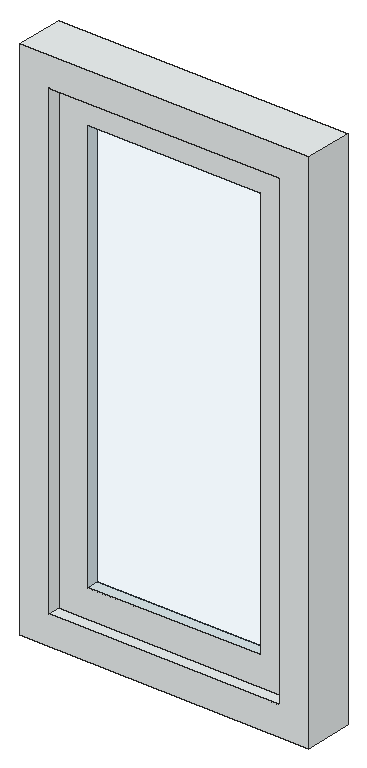
Revit family
Parameters (values of type "AW-2")
  Assembly Code = ""
  Height = 1100 mm
  기본 씰 높이 = 1100 mm
  Wall Closure = (empty or 0)
  Width = 600 mm
Reference planes
  plane 1: y = 0
  plane 2 "중심(왼쪽/오른쪽)": x = 0
  plane 3 "좌측면": x = -300
  plane 4 "오른쪽": x = 300
  plane 5 "씰": z = 1100
  plane 6 "헤드": z = 2200
  plane 7 "외부": y = 75
  plane 8 "내부": y = -75
Forms (mm)
  Sweep 1, solid, material "창문틀"
    path in 3D
      loop
        line (-300, -75, 2200) -> (300, -75, 2200) -> (300, -75, 1100) -> (-300, -75, 1100) -> (-300, -75, 2200)
    profile origin (-300, -75, 1650) x (0, -1, 0) y (1, 0, 0)
      loop
        line (0, 0) -> (0, 60) -> (-100, 60) -> (-100, 0) -> (0, 0)
  Sweep 2, solid, material "창문틀"
    path in 3D
      loop
        line (-240, -75, 2140) -> (240, -75, 2140) -> (240, -75, 1160) -> (-240, -75, 1160) -> (-240, -75, 2140)
    profile origin (-240, -75, 1650) x (0, -1, 0) y (1, 0, 0)
      loop
        line (-25, 0) -> (-25, 60) -> (-50, 60) -> (-50, 0) -> (-25, 0)
  Extrusion 3, solid, material "유리"
    sketch origin (-180, -50, 1220) x (0, 0, 1) y (-1, 0, 0)
      loop
        line (860, 0) -> (0, 0) -> (0, -360) -> (860, -360) -> (860, 0)
    from 0 to -25
Lines and regions (mm)
  Opening 1
    outline origin (3500, -75, 0) x (1, 0, 0) y (0, 0, 1)
      loop
        line (-3200, 1100) -> (-3200, 2200) -> (-3800, 2200) -> (-3800, 1100) -> (-3200, 1100)
  sketch lines
    curve 1: line (-300, -75, 1100) -> (-300, -75, 2200)
    curve 2: line (-300, -75, 2200) -> (300, -75, 2200)
    curve 3: line (300, -75, 2200) -> (300, -75, 1100)
    curve 4: line (300, -75, 1100) -> (-300, -75, 1100)
    curve 5: line (-240, -75, 1160) -> (-240, -75, 2140)
    curve 6: line (240, -75, 2140) -> (240, -75, 1160)
    curve 7: line (240, -75, 1160) -> (-240, -75, 1160)
    curve 10: line (-240, -75, 2140) -> (240, -75, 2140)
  symbolic lines
    curve 8: line (180, 75, 1220) -> (0, 75, 2080)
    curve 9: line (0, 75, 2080) -> (-180, 75, 1220)
Text (mm)
  text "외부" at (-1963.203, 1332.353, 0), in view "참조 레벨"
  text "내부" at (-1981.466, -818.386, 0), in view "참조 레벨"
  text "외부" at (0, 923.751, 2943.296), in view "오른쪽"
  text "외부" at (0, 1040.484, 2685.409), in view "좌측면"
Dimensions and locks
  equal spacing: plane 3 "좌측면", plane 2 "중심(왼쪽/오른쪽)", plane 4 "오른쪽"
  "Width": plane 3 "좌측면" to plane 4 "오른쪽"
  "Height": plane 5 "씰" to plane 6 "헤드"
  "기본 씰 높이": plane 5 "씰" to level
  locked: plane 7 "외부" to host wall at 0
  locked: plane 8 "내부" to host wall
Automatic sketch dimensions
  Opening 1 sketch curve to plane 3 "좌측면" = 0 mm
  Opening 1 sketch curve to plane 4 "오른쪽" = 0 mm
  Opening 1 sketch curve to plane 5 "씰" = 0 mm
  Opening 1 sketch curve to plane 6 "헤드" = 0 mm
  Sweep 1 sketch curve to profile plane = 0 mm
  profile plane to Sweep 1 sketch curve = 0 mm
  Sweep 1 sketch curve to Sweep 1 sketch curve = 100 mm
  profile plane to Sweep 1 sketch curve = 60 mm
  Sweep 2 sketch curve to profile plane = 0 mm
  profile plane to Sweep 2 sketch curve = 25 mm
  Sweep 2 sketch curve to Sweep 2 sketch curve = 25 mm
  profile plane to Sweep 2 sketch curve = 60 mm
  Extrusion 3 sketch curve to Sweep 2 = 0 mm  (x3)
  curve 9 to plane 2 "중심(왼쪽/오른쪽)" = 0 mm
  curve 9 to plane 3 "좌측면" = 120 mm
  plane 4 "오른쪽" to curve 8 = 120 mm
  curve 9 to plane 5 "씰" = 120 mm
  curve 8 to plane 5 "씰" = 120 mm
  curve 9 to curve 9 = 860 mm
  Extrusion 3 sketch curve to Extrusion 3 sketch curve = 860 mm
